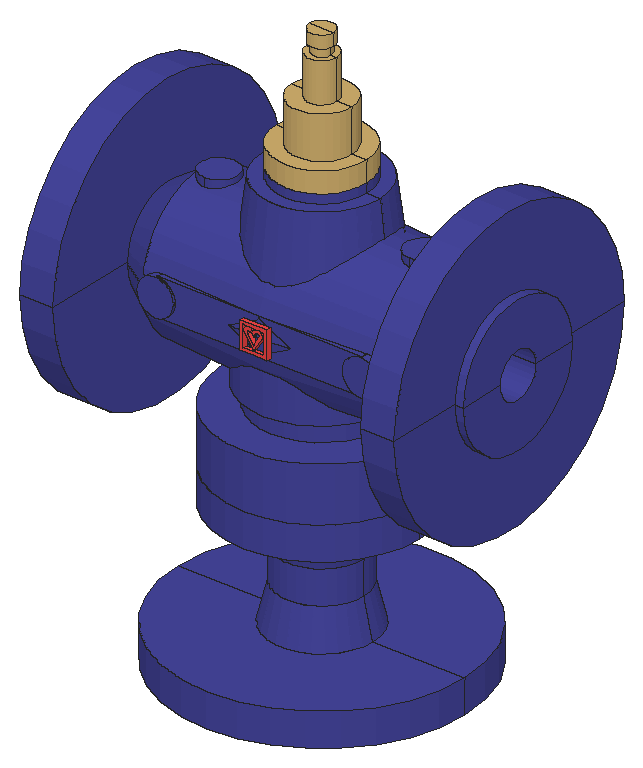
Revit family "Three Port Mixing & Diverting Valves 4037", category Rohrzubehör, Revit 2020
Family settings
  Bemaßung runder Anschluss = Durchmesser verwenden
  Teiletyp = Unterbricht
  OmniClass-Nummer = 23.65.55.14
  OmniClass-Titel = Valves for Liquid Services
  Arbeitsebenenbasiert = Nein
  Immer vertikal = Ja
  Beim Laden mit Abzugskörper schneiden = Nein
  Gemeinsam genutzt = Nein
Parameters (values of type "kvs1.6")
  kvs63 = no
  kvs6.3 = no
  kvs40 = no
  kvs4 = no
  kvs330 = no
  kvs250 = no
  kvs25 = no
  kvs2.5 = no
  kvs160 = no
  kvs16 = no
  kvs100 = no
  kvs10 = no
  kvs1.6 = yes
  kvs1 = no
  Weight [instance] = size_lookup("4037_", "Gewicht", 25, Nennweite)  # 5
  Vorgabe-Ansicht = 0 mm
  Valve seat material = "WN1.4021"  # constant formula
  Valve cones material = "WN1.4021/brass"  # constant formula
  Valve curves characteristic = "equal percentage"  # constant formula
  URL = "www.herzvalves.com"
  Stem material = "WN1.4404"  # constant formula
  SCTWSEQ = "FW;SBT_TYP_FW=\"101\";3"
  SCTWCODE = "04;05;03"  # constant formula
  SCRNSEQ = "ARM;ARM_TYP=\"MISV\";3"
  SCRNCODE = "05;18;03"  # constant formula
  R14 = 4 mm  # constant formula
  R13 = 3 mm  # constant formula
  R12 = 5 mm  # constant formula
  R11 [instance] = size_lookup("4037_", "R11", 18 mm, Nennweite)  # 10 mm
  R10 [instance] = size_lookup("4037_", "R10", 23 mm, Nennweite)  # 15 mm
  R09 [instance] = size_lookup("4037_", "R9", 49 mm, Nennweite)  # 19.5 mm
  R08 [instance] = R00 + 3 mm  # 29.5 mm
  R07 [instance] = size_lookup("4037_", "R7", 15.5 mm, Nennweite)  # 6 mm
  R06 [instance] = size_lookup("4037_", "R6", 15.5 mm, Nennweite)  # 6 mm
  R05 [instance] = size_lookup("4037_", "R5", 62.5 mm, Nennweite)  # 24 mm
  R04 [instance] = size_lookup("4037_", "R4", 59.5 mm, Nennweite)  # 21 mm
  R03 [instance] = size_lookup("4037_", "R3", 43 mm, Nennweite)  # 32.5 mm
  R02 [instance] = size_lookup("4037_", "R2", 43 mm, Nennweite)  # 14 mm
  R01 [instance] = size_lookup("4037_", "R1", 55.5 mm, Nennweite)  # 17 mm
  R00 [instance] = size_lookup("4037_", "R", 65 mm, Nennweite)  # 26.5 mm
  Part number [instance] = if(and(kvs1, Nennweite = 15 mm), 403701, if(and(kvs1.6, Nennweite = 15 mm), 403711, if(and(kvs2.5, Nennweite = 15 mm), 403721, if(and(kvs4, Nennweite = 15 mm), 403731, if(and(kvs6.3, Nennweite = 25 mm), 403703, if(and(kvs10, Nennweite = 25 mm), 403713, if(and(kvs16, Nennweite = 32 mm), 403704, if(and(kvs25, Nennweite = 40 mm), 403705, if(and(kvs40, Nennweite = 50 mm), 403706, if(and(kvs63, Nennweite = 65 mm), 403707, if(and(kvs100, Nennweite = 80 mm), 403708, if(and(kvs160, Nennweite = 100 mm), 403709, if(and(kvs250, Nennweite = 125 mm), 403710, if(and(kvs330, Nennweite = 150 mm), 403741, 0))))))))))))))  # 403711
  PN = 16  # constant formula
  Nennweite [instance] = 15 mm
  min. Operating temperature = 5 °C  # constant formula
  max. Operating temperature = 150 °C  # constant formula
  max. Operating pressure = 1600000.0 Pa  # constant formula
  Medium = "water purity in accordance with the ÖNORM H 5195 and VDI 2035 standards"
  LO1 [instance] = size_lookup("4037_", "LO1", 28.5 mm, Nennweite)  # 27.5 mm
  L07 [instance] = L06 - R06  # 34 mm
  L06 [instance] = size_lookup("4037_", "L6", 110 mm, Nennweite)  # 40 mm
  L05 [instance] = D00  # 47.5 mm
  L04 = 12.5 mm  # constant formula
  L03 = 10 mm  # constant formula
  L02 [instance] = size_lookup("4037_", "L2", 15 mm, Nennweite)  # 11 mm
  L01 = 3 mm  # constant formula
  L00 [instance] = size_lookup("4037_", "L", 145 mm, Nennweite)  # 65 mm
  Hersteller = "Herz-Armaturen GmbH"  # constant formula
  H16 [instance] = size_lookup("4037_", "H16", 22 mm, Nennweite)  # 18 mm
  H15 = 4 mm  # constant formula
  H14 [instance] = size_lookup("4037_", "H14", 17 mm, Nennweite)  # 13 mm
  H13 [instance] = size_lookup("4037_", "H13", 18 mm, Nennweite)  # 14 mm
  H12 [instance] = size_lookup("4037_", "H12", 10.5 mm, Nennweite)  # 6.8 mm
  H11 [instance] = size_lookup("4037_", "H11", 52.5 mm, Nennweite)  # 40.8 mm
  H10 [instance] = size_lookup("4037_", "H10", 135.4 mm, Nennweite)  # 80.3 mm
  H09 = 3 mm  # constant formula
  H08 [instance] = size_lookup("4037_", "H8", 79 mm, Nennweite)  # 36.5 mm
  H07 [instance] = R00  # 26.5 mm
  H06 [instance] = size_lookup("4037_", "H6", 59 mm, Nennweite)  # 24.5 mm
  H05 [instance] = size_lookup("4037_", "H5", 20 mm, Nennweite)  # 5 mm
  H04 [instance] = size_lookup("4037_", "H4", 17 mm, Nennweite)  # 13 mm
  H02 [instance] = size_lookup("4037_", "H2", 38 mm, Nennweite)  # 11 mm
  H01 [instance] = size_lookup("4037_", "H1", 208 mm, Nennweite)  # 110 mm
  H03 [instance] = size_lookup("4037_", "H3", 112 mm, Nennweite)  # 49 mm
  Valve body material = "EN-GJL-250"  # constant formula
  Sealing element material = "70EPDM"  # constant formula
  DN80 [instance] = Nennweite = 80 mm  # no
  DN65 [instance] = Nennweite = 65 mm  # no
  DN50 [instance] = Nennweite = 50 mm  # no
  DN40 [instance] = Nennweite = 40 mm  # no
  DN32 [instance] = Nennweite = 32 mm  # no
  DN25 [instance] = Nennweite = 25 mm  # no
  DN150 [instance] = Nennweite = 150 mm  # no
  DN15 [instance] = Nennweite = 15 mm  # yes
  DN125 [instance] = Nennweite = 125 mm  # no
  DN100 [instance] = Nennweite = 100 mm  # no
  D02 [instance] = Nennweite / 2  # 7.5 mm
  D01 [instance] = size_lookup("4037_", "D1", 61 mm, Nennweite)  # 22.5 mm
  D00 [instance] = size_lookup("4037_", "D", 92.5 mm, Nennweite)  # 47.5 mm
  Description = "the three port flanged valve is designed to control the flow rate of circulation water in pipelines.\r\nvalve stem with cone is moved by acting of electric actuator controlled by microprocessor controller.\r\ncirculation medium could be cold, warm and hot water in temperature range from 5°C up to 150°C.\r\n\r\nthe valve is utilized in almost all heating, ventilation and air-conditioning systems and in industrial and technological processes.\r\nthe three port flanged valve is used as a mixing valve and in the case when it should change water circulation from one pipeline to another.\r\nthe valve curve is equal percentage.\r\nregulation ratio (ratio between nominal and minimal flow coefficient) is 30:1.\r\nselection of three-way flanged valve is according to diagram of kvs values."
  Type of connection = "EN 1092-2"  # constant formula
Types (15, lengths in mm): name | kvs63 | kvs6.3 | kvs40 | kvs4 | kvs330 | kvs250 | kvs25 | kvs2.5 | kvs160 | kvs16 | kvs100 | kvs10 | kvs1.6 | kvs1 | Weight | R11 | R10 | R09 | R08 | R07 | R06 | R05 | R04 | R03 | R02 | R01 | R00 | Part number | Nennweite | Medium | LO1 | L07 | L06 | L05 | L02 | L00 | H16 | H14 | H13 | H12 | H11 | H10 | H08 | H07 | H06 | H05 | H04 | H02 | H01 | H03 | DN80 | DN65 | DN50 | DN40 | DN32 | DN25 | DN150 | DN15 | DN125 | DN100 | D02 | D01 | D00
  (no name) | no | no | no | no | no | no | no | no | no | no | no | no | yes | no | 5 | 10 | 15 | 19.5 | 29.5 | 6 | 6 | 24 | 21 | 32.5 | 14 | 17 | 26.5 | 403711 | 15 | "water purity in accordance with the ÖNORM H 5195 and VDI 2035 standards" | 27.5 | 34 | 40 | 47.5 | 11 | 65 | 18 | 13 | 14 | 6.8 | 40.8 | 80.3 | 36.5 | 26.5 | 24.5 | 5 | 13 | 11 | 110 | 49 | no | no | no | no | no | no | no | yes | no | no | 7.5 | 22.5 | 47.5
  kvs1 | no | no | no | no | no | no | no | no | no | no | no | no | no | yes | 5 | 10 | 15 | 19.5 | 29.5 | 6 | 6 | 24 | 21 | 32.5 | 14 | 17 | 26.5 | 403701 | 15 | "water purity in accordance with the ÖNORM H 5195 and VDI 2035 standards" | 27.5 | 34 | 40 | 47.5 | 11 | 65 | 18 | 13 | 14 | 6.8 | 40.8 | 80.3 | 36.5 | 26.5 | 24.5 | 5 | 13 | 11 | 110 | 49 | no | no | no | no | no | no | no | yes | no | no | 7.5 | 22.5 | 47.5
  kvs1.6 | no | no | no | no | no | no | no | no | no | no | no | no | yes | no | 5 | 10 | 15 | 19.5 | 29.5 | 6 | 6 | 24 | 21 | 32.5 | 14 | 17 | 26.5 | 403711 | 15 | "water purity in accordance with the ÖNORM H 5195 and VDI 2035 standards" | 27.5 | 34 | 40 | 47.5 | 11 | 65 | 18 | 13 | 14 | 6.8 | 40.8 | 80.3 | 36.5 | 26.5 | 24.5 | 5 | 13 | 11 | 110 | 49 | no | no | no | no | no | no | no | yes | no | no | 7.5 | 22.5 | 47.5
  kvs2.5 | no | no | no | no | no | no | no | yes | no | no | no | no | no | no | 5 | 10 | 15 | 19.5 | 29.5 | 6 | 6 | 24 | 21 | 32.5 | 14 | 17 | 26.5 | 403721 | 15 | "water purity in accordance with the ÖNORM H 5195 and VDI 2035 standards" | 27.5 | 34 | 40 | 47.5 | 11 | 65 | 18 | 13 | 14 | 6.8 | 40.8 | 80.3 | 36.5 | 26.5 | 24.5 | 5 | 13 | 11 | 110 | 49 | no | no | no | no | no | no | no | yes | no | no | 7.5 | 22.5 | 47.5
  kvs4 | no | no | no | yes | no | no | no | no | no | no | no | no | no | no | 5 | 10 | 15 | 19.5 | 29.5 | 6 | 6 | 24 | 21 | 32.5 | 14 | 17 | 26.5 | 403731 | 15 | "water purity in accordance with the ÖNORM H 5195 and VDI 2035 standards" | 27.5 | 34 | 40 | 47.5 | 11 | 65 | 18 | 13 | 14 | 6.8 | 40.8 | 80.3 | 36.5 | 26.5 | 24.5 | 5 | 13 | 11 | 110 | 49 | no | no | no | no | no | no | no | yes | no | no | 7.5 | 22.5 | 47.5
  kvs6.3 | no | yes | no | no | no | no | no | no | no | no | no | no | no | no | 8 | 10 | 15 | 19.5 | 41 | 7 | 7 | 35.5 | 32.5 | 44 | 19.5 | 28.5 | 38 | 403703 | 25 | "water purity in accordance with the ÖNORM H 5195 and VDI 2035 standards" | 40 | 45 | 52 | 57.5 | 13 | 80 | 20 | 13 | 14 | 6.8 | 40.8 | 88.3 | 44.5 | 38 | 35 | 5 | 15 | 3 | 121 | 64 | no | no | no | no | no | yes | no | no | no | no | 12.5 | 34 | 57.5
  kvs10 | no | no | no | no | no | no | no | no | no | no | no | yes | no | no | 8 | 10 | 15 | 19.5 | 41 | 7 | 7 | 35.5 | 32.5 | 44 | 19.5 | 28.5 | 38 | 403713 | 25 | "water purity in accordance with the ÖNORM H 5195 and VDI 2035 standards" | 40 | 45 | 52 | 57.5 | 13 | 80 | 20 | 13 | 14 | 6.8 | 40.8 | 88.3 | 44.5 | 38 | 35 | 5 | 15 | 3 | 121 | 64 | no | no | no | no | no | yes | no | no | no | no | 12.5 | 34 | 57.5
  kvs16 | no | no | no | no | no | no | no | no | no | yes | no | no | no | no | 11.5 | 10 | 15 | 20.5 | 46 | 9 | 9 | 40.5 | 37.5 | 49 | 24.5 | 33.5 | 43 | 403704 | 32 | "water purity in accordance with the ÖNORM H 5195 and VDI 2035 standards" | 45 | 51 | 60 | 70 | 13 | 90 | 20 | 17 | 18 | 10.5 | 52.5 | 102 | 46.5 | 43 | 39 | 15 | 15 | 4 | 142 | 84 | no | no | no | no | yes | no | no | no | no | no | 16 | 39 | 70
  kvs25 | no | no | no | no | no | no | yes | no | no | no | no | no | no | no | 13 | 10 | 15 | 20.5 | 51 | 12 | 12 | 45.5 | 42.5 | 54 | 29 | 38.5 | 48 | 403705 | 40 | "water purity in accordance with the ÖNORM H 5195 and VDI 2035 standards" | 50 | 56 | 68 | 75 | 13 | 100 | 20 | 17 | 18 | 10.5 | 52.5 | 112 | 56.5 | 48 | 43 | 20 | 15 | 1 | 149 | 94 | no | no | no | yes | no | no | no | no | no | no | 20 | 44 | 75
  kvs63 | yes | no | no | no | no | no | no | no | no | no | no | no | no | no | 25 | 18 | 23 | 49 | 68 | 15.5 | 15.5 | 62.5 | 59.5 | 71 | 43 | 55.5 | 65 | 403707 | 65 | "water purity in accordance with the ÖNORM H 5195 and VDI 2035 standards." | 68 | 94.5 | 110 | 92.5 | 15 | 145 | 22 | 17 | 18 | 10.5 | 52.5 | 135.4 | 79 | 65 | 59 | 20 | 17 | 38 | 208 | 112 | no | yes | no | no | no | no | no | no | no | no | 32.5 | 61 | 92.5
  kvs100 | no | no | no | no | no | no | no | no | no | no | yes | no | no | no | 31 | 18 | 23 | 49 | 76 | 15.5 | 15.5 | 70.5 | 67.5 | 79 | 51 | 63.5 | 73 | 403708 | 80 | "water purity in accordance with the ÖNORM H 5195 and VDI 2035 standards" | 77 | 99.5 | 115 | 100 | 17 | 155 | 24 | 17 | 18 | 10.5 | 52.5 | 168.5 | 113 | 73 | 65 | 20 | 19 | 46 | 233 | 125 | yes | no | no | no | no | no | no | no | no | no | 40 | 69 | 100
  kvs160 | no | no | no | no | no | no | no | no | yes | no | no | no | no | no | 46 | 30 | 35 | 61 | 86 | 20.5 | 20.5 | 80.5 | 77.5 | 89 | 61 | 73.5 | 83 | 403709 | 100 | "water purity in accordance with the ÖNORM H 5195 and VDI 2035 standards" | 88 | 112.5 | 133 | 110 | 17 | 175 | 24 | 21 | 22 | 14.2 | 64.2 | 189.7 | 122.5 | 83 | 73 | 25 | 19 | 65 | 262 | 135 | no | no | no | no | no | no | no | no | no | yes | 50 | 79 | 110
  kvs250 | no | no | no | no | no | yes | no | no | no | no | no | no | no | no | 72 | 30 | 35 | 61 | 101 | 20.5 | 20.5 | 95.5 | 92.5 | 104 | 76 | 88.5 | 98 | 403710 | 125 | "water purity in accordance with the ÖNORM H 5195 and VDI 2035 standards" | 103 | 134.5 | 155 | 125 | 19 | 200 | 26 | 21 | 22 | 14.2 | 64.2 | 231 | 163.5 | 98 | 80 | 30 | 21 | 44 | 268 | 158 | no | no | no | no | no | no | no | no | yes | no | 62.5 | 94 | 125
  kvs330 | no | no | no | no | yes | no | no | no | no | no | no | no | no | no | 91 | 30 | 35 | 61 | 113 | 20.5 | 20.5 | 107.5 | 104.5 | 116 | 88 | 100.5 | 110 | 403741 | 150 | "water purity in accordance with the ÖNORM H 5195 and VDI 2035 standards" | 115 | 174.5 | 195 | 142.5 | 19 | 240 | 26 | 21 | 22 | 14.2 | 64.2 | 237.5 | 170 | 110 | 85 | 25 | 21 | 42 | 261 | 153 | no | no | no | no | no | no | yes | no | no | no | 75 | 106 | 142.5
  kvs40 | no | no | yes | no | no | no | no | no | no | no | no | no | no | no | 16 | 18 | 23 | 49 | 56 | 13.5 | 13.5 | 52.5 | 49.5 | 61 | 34 | 45.5 | 53 | 403706 | 50 | "water purity in accordance with the ÖNORM H 5195 and VDI 2035 standards" | 56 | 66.5 | 80 | 82.5 | 15 | 115 | 20 | 17 | 18 | 10.5 | 52.5 | 122 | 66.5 | 53 | 43 | 1 | 15 | 42 | 167 | 67 | no | no | yes | no | no | no | no | no | no | no | 25 | 51 | 82.5
Reference planes
  plane 1 "Mitte (Vorne/hinten)": y = 0
  plane 2: z = 0
  plane 3 "Mitte (Links/rechts)": x = 0
Forms (mm)
  Revolve 1, solid, material "kunststoff-BLAU", detail levels fine
    sketch origin (1065, 0, 0) x (1, 0, 0) y (0, 1, 0)
      loop
        line (-1127, 22.5) -> (-1130, 22.5) -> (-1130, 7.5) -> (-1120, 7.5) -> (-1120, 0) -> (-1010, 0) -> (-1010, 7.5) -> (-1000, 7.5) -> (-1000, 22.5) -> (-1003, 22.5) -> (-1003, 47.5) -> (-1014, 47.5) -> (-1014, 17) -> (-1025, 24.336)
        arc (-1025, 24.336) -> (-1065, 26.5) -> (-1105, 24.336) r 370.831
        line (-1105, 24.336) -> (-1116, 17) -> (-1116, 47.5) -> (-1127, 47.5) -> (-1127, 22.5)
      axis (-1000, 0) -> (-1130, 0)
    angle from 0 to 360
  Extrusion 2, solid, material "kunststoff-BLAU", detail levels fine
    sketch origin (0, 0, 0) x (-1, 0, 0) y (0, 0, -1)
      loop
        circle (34, 0) r 6
      loop
        circle (-34, 0) r 6
    from -26.5 to 26.5
  Extrusion 3, solid, material "kunststoff-BLAU", visible <- "DN65", detail levels fine
    sketch origin (0, 0, 0) x (1, 0, 0) y (0, 1, 0)
      loop
        arc (-95, -56.907) -> (0, -68) -> (95, -56.907) r 412.331
        line (95, -56.907) -> (95, 56.907)
        arc (95, 56.907) -> (0, 68) -> (-95, 56.907) r 412.331
        line (-95, 56.907) -> (-95, -56.907)
    from -15.5 to 15.5
  Revolve 4, solid, material "kunststoff-BLAU", detail levels fine
    sketch origin (0, 0, 0) x (1, 0, 0) y (0, 0, 1)
      loop
        line (-19.5, 36.5) -> (-24, 0) -> (0, 0) -> (0, 39.5) -> (-15, 39.5) -> (-15, 36.5) -> (-19.5, 36.5)
      axis (0, 39.5) -> (0, 0)
    angle from 0 to 360
  Revolve 5, solid, material "kunststoff-BLAU", detail levels fine
    sketch origin (0, 0, 0) x (1, 0, 0) y (0, 0, 1)
      loop
        line (0, 0) -> (-24, 0) -> (-24, -24.5) -> (-21, -26) -> (-21, -31) -> (-32.5, -31) -> (-32.5, -49) -> (0, -49) -> (0, 0)
      axis (0, 0) -> (0, -49)
    angle from 0 to 360
  Revolve 6, solid, material "kunststoff-BLAU", detail levels fine
    sketch origin (0, 0, 0) x (1, 0, 0) y (0, 0, 1)
      loop
        line (-22.5, -107) -> (-22.5, -110) -> (-7.5, -110) -> (-7.5, -100) -> (0, -100) -> (0, -49) -> (-32.5, -49) -> (-32.5, -60) -> (-17, -60) -> (-14, -72.5) -> (-14, -83.5) -> (-17, -96) -> (-47.5, -96) -> (-47.5, -107) -> (-22.5, -107)
      axis (0, -49) -> (0, -110)
    angle from 0 to 360
  Extrusion 7, solid, material "kunststoff-BLAU", detail levels fine
    sketch origin (0, 0, 0) x (0, -1, 0) y (1, 0, 0)
      loop
        circle (0, -34) r 6
      loop
        circle (0, 34) r 6
    from -26.5 to 26.5
  Extrusion 8, solid, material "kunststoff-BLAU", visible <- "DN150", detail levels fine
    sketch origin (0, 0, 0) x (1, 0, 0) y (0, 1, 0)
      loop
        arc (-179.5, -78.475) -> (0, -115) -> (179.5, -78.475) r 459.331
        line (179.5, -78.475) -> (179.5, 78.475)
        arc (179.5, 78.475) -> (0, 115) -> (-179.5, 78.475) r 459.331
        line (-179.5, 78.475) -> (-179.5, -78.475)
    from -20.5 to 20.5
  Extrusion 9, solid, material "kunststoff-BLAU", visible <- "DN125", detail levels fine
    sketch origin (0, 0, 0) x (1, 0, 0) y (0, 1, 0)
      loop
        arc (-134.5, -82.301) -> (0, -103) -> (134.5, -82.301) r 447.331
        line (134.5, -82.301) -> (134.5, 82.301)
        arc (134.5, 82.301) -> (0, 103) -> (-134.5, 82.301) r 447.331
        line (-134.5, 82.301) -> (-134.5, -82.301)
    from -20.5 to 20.5
  Extrusion 10, solid, material "kunststoff-BLAU", visible <- "DN100", detail levels fine
    sketch origin (0, 0, 0) x (1, 0, 0) y (0, 1, 0)
      loop
        arc (-112.5, -73.106) -> (0, -88) -> (112.5, -73.106) r 432.331
        line (112.5, -73.106) -> (112.5, 73.106)
        arc (112.5, 73.106) -> (0, 88) -> (-112.5, 73.106) r 432.331
        line (-112.5, 73.106) -> (-112.5, -73.106)
    from -20.5 to 20.5
  Extrusion 11, solid, material "kunststoff-BLAU", visible <- "DN80", detail levels fine
    sketch origin (0, 0, 0) x (1, 0, 0) y (0, 1, 0)
      loop
        line (99.5, -65.083) -> (99.5, 65.083)
        arc (99.5, 65.083) -> (0, 77) -> (-99.5, 65.083) r 421.331
        line (-99.5, 65.083) -> (-99.5, -65.083)
        arc (-99.5, -65.083) -> (0, -77) -> (99.5, -65.083) r 421.331
    from -15.5 to 15.5
  Extrusion 12, solid, material "kunststoff-BLAU", visible <- "DN50", detail levels fine
    sketch origin (0, 0, 0) x (1, 0, 0) y (0, 1, 0)
      loop
        arc (-66.5, -50.44) -> (0, -56.006) -> (66.5, -50.44) r 400.05
        line (66.5, -50.44) -> (66.5, 50.44)
        arc (66.5, 50.44) -> (0, 56.006) -> (-66.5, 50.44) r 400.05
        line (-66.5, 50.44) -> (-66.5, -50.44)
    from -13.5 to 13.5
  Extrusion 13, solid, material "kunststoff-BLAU", visible <- "DN40", detail levels fine
    sketch origin (0, 0, 0) x (1, 0, 0) y (0, 1, 0)
      loop
        arc (-56, -46.003) -> (0, -50) -> (56, -46.003) r 394.331
        line (56, -46.003) -> (56, 46.003)
        arc (56, 46.003) -> (0, 50) -> (-56, 46.003) r 394.331
        line (-56, 46.003) -> (-56, -46.003)
    from -12 to 12
  Extrusion 14, solid, material "kunststoff-BLAU", visible <- "DN32", detail levels fine
    sketch origin (0, 0, 0) x (1, 0, 0) y (0, 1, 0)
      loop
        arc (-51, -41.645) -> (0, -45) -> (51, -41.645) r 389.331
        line (51, -41.645) -> (51, 41.645)
        arc (51, 41.645) -> (0, 45) -> (-51, 41.645) r 389.331
        line (-51, 41.645) -> (-51, -41.645)
    from -9 to 9
  Extrusion 15, solid, material "kunststoff-BLAU", visible <- "DN25", detail levels fine
    sketch origin (0, 0, 0) x (1, 0, 0) y (0, 1, 0)
      loop
        line (45, -37.356) -> (45, 37.356)
        arc (45, 37.356) -> (0, 40) -> (-45, 37.356) r 384.331
        line (-45, 37.356) -> (-45, -37.356)
        arc (-45, -37.356) -> (0, -40) -> (45, -37.356) r 384.331
    from -7 to 7
  Extrusion 16, solid, material "kunststoff-BLAU", visible <- "DN15", detail levels fine
    sketch origin (0, 0, 0) x (1, 0, 0) y (0, 1, 0)
      loop
        line (-34, 25.942) -> (-34, -25.942)
        arc (-34, -25.942) -> (0, -27.5) -> (34, -25.942) r 371.831
        line (34, -25.942) -> (34, 25.942)
        arc (34, 25.942) -> (0, 27.5) -> (-34, 25.942) r 371.831
    from -6 to 6
  Revolve 17, solid, material "Messing-poliert", detail levels fine
    sketch origin (0, 0, 0) x (1, 0, 0) y (0, 0, 1)
      loop
        line (-15, 46.3) -> (-15, 39.5) -> (0, 39.5) -> (0, 80.3) -> (-4, 80.3) -> (-4, 76.3) -> (-3, 76.3) -> (-3, 73.3) -> (-5, 73.3) -> (-5, 60.3) -> (-10, 60.3) -> (-10, 46.3) -> (-15, 46.3)
      axis (0, 80.3) -> (0, 39.5)
    angle from 0 to 360
Lines and regions (mm)
  model lines, detail levels coarse+medium
    curve 1: line (-65, 0, 47.5) -> (-65, 0, -47.5)
    curve 2: line (-65, 0, -47.5) -> (65, 0, 47.5)
    curve 3: line (65, 0, 47.5) -> (65, 0, -47.5)
    curve 4: line (65, 0, -47.5) -> (-65, 0, 47.5)
    curve 5: line (0, 0, 0) -> (47.5, 0, -110)
    curve 6: line (47.5, 0, -110) -> (-47.5, 0, -110)
    curve 7: line (-47.5, 0, -110) -> (0, 0, 0)
    curve 8: line (-65, 47.5, 0) -> (-65, -47.5, 0)
    curve 9: line (-65, -47.5, 0) -> (65, 47.5, 0)
    curve 10: line (65, 47.5, 0) -> (65, -47.5, 0)
    curve 11: line (65, -47.5, 0) -> (-65, 47.5, 0)
    curve 12: line (0, 0, 0) -> (47.5, -110, 0)
    curve 13: line (47.5, -110, 0) -> (-47.5, -110, 0)
    curve 14: line (-47.5, -110, 0) -> (0, 0, 0)
Dimensions and locks
  "L00": Revolve 1 sketch curve to plane 3 "Mitte (Links/rechts)" to Revolve 1 sketch curve
  "D00": plane 1 "Mitte (Vorne/hinten)" to Revolve 1 sketch curve  (x2)
  "D02": plane 1 "Mitte (Vorne/hinten)" to Revolve 1 sketch curve  (x2)
  "L01": Revolve 1 sketch curve to Revolve 1 sketch curve  (x2)
  "L02": Revolve 1 sketch curve to Revolve 1 sketch curve  (x2)
  "D01": plane 1 "Mitte (Vorne/hinten)" to Revolve 1 sketch curve  (x2)
  "R01": plane 1 "Mitte (Vorne/hinten)" to Revolve 1 sketch curve  (x2)
  "R00": Revolve 1 sketch curve to Revolve 1 sketch curve
  "L03": Revolve 1 sketch curve to Revolve 1 sketch curve  (x2)
  "D02": plane 3 "Mitte (Links/rechts)" to Revolve 6 sketch curve
  "R02": plane 3 "Mitte (Links/rechts)" to Revolve 6 sketch curve
  "R01": plane 3 "Mitte (Links/rechts)" to Revolve 6 sketch curve  (x2)
  "D01": plane 3 "Mitte (Links/rechts)" to Revolve 6 sketch curve
  "D00": plane 3 "Mitte (Links/rechts)" to Revolve 6 sketch curve
  "H01": plane 2 to Revolve 6 sketch curve
  "L01": Revolve 6 sketch curve to Revolve 6 sketch curve
  "L02": Revolve 6 sketch curve to Revolve 6 sketch curve  (x2)
  "L03": Revolve 6 sketch curve to Revolve 6 sketch curve
  "R03": plane 3 "Mitte (Links/rechts)" to Revolve 6 sketch curve
  "L04": Revolve 6 sketch curve to Revolve 6 sketch curve  (x2)
  "R03": Revolve 5 sketch curve to Revolve 5 sketch curve
  "H03": plane 2 to Revolve 5 sketch curve
  "H06": Revolve 5 sketch curve to Revolve 5 sketch curve
  "R04": Revolve 5 sketch curve to Revolve 5 sketch curve
  "R05": Revolve 5 sketch curve to Revolve 5 sketch curve
  "H05": Revolve 5 sketch curve to Revolve 5 sketch curve
  "L06": Revolve 1 sketch curve to plane 3 "Mitte (Links/rechts)" to Revolve 1 sketch curve
  "H03": plane 2 to Revolve 6 sketch curve
  "R09": Revolve 4 sketch curve to Revolve 4 sketch curve
  "R05": Revolve 4 sketch curve to Revolve 4 sketch curve
  "H07": Extrusion 7 to plane 2 to Extrusion 7  (x2)
  "L07": plane 3 "Mitte (Links/rechts)" to Extrusion 7 sketch curve
  "L07": Extrusion 7 sketch curve to plane 3 "Mitte (Links/rechts)"
  "H07": Extrusion 2 to plane 1 "Mitte (Vorne/hinten)"  (x3)
  "L07": plane 3 "Mitte (Links/rechts)" to Extrusion 2 sketch curve
  "L07": Extrusion 2 sketch curve to plane 3 "Mitte (Links/rechts)"
  "H07": plane 1 "Mitte (Vorne/hinten)" to Extrusion 2
  "H08": Revolve 4 sketch curve to plane 2
  "H09": Revolve 4 sketch curve to Revolve 4 sketch curve
  "R10": plane 3 "Mitte (Links/rechts)" to Revolve 4 sketch curve
  "H11": Revolve 17 sketch curve to Revolve 17 sketch curve
  "H10": Revolve 17 sketch curve to plane 2
  "R10": plane 3 "Mitte (Links/rechts)" to Revolve 17 sketch curve
  "H12": Revolve 17 sketch curve to Revolve 17 sketch curve
  "H13": Revolve 17 sketch curve to Revolve 17 sketch curve
  "H14": Revolve 17 sketch curve to Revolve 17 sketch curve
  "H15": Revolve 17 sketch curve to Revolve 17 sketch curve
  "R14": plane 3 "Mitte (Links/rechts)" to Revolve 17 sketch curve
  "R13": plane 3 "Mitte (Links/rechts)" to Revolve 17 sketch curve
  "R11": plane 3 "Mitte (Links/rechts)" to Revolve 17 sketch curve
  "R12": plane 3 "Mitte (Links/rechts)" to Revolve 17 sketch curve
  "LO1": nested 1 to plane 1 "Mitte (Vorne/hinten)"
  "H16": Revolve 5 sketch curve to Revolve 6
  "L00": curve 1 to plane 3 "Mitte (Links/rechts)" to curve 3
  "D00": curve 3 to plane 2 to curve 4
  "D00": curve 4 to plane 2 to curve 2
  "H01": plane 2 to curve 6
  "D00": curve 6 to plane 3 "Mitte (Links/rechts)" to curve 7
  "L00": curve 8 to plane 3 "Mitte (Links/rechts)" to curve 10
  "D00": curve 11 to plane 1 "Mitte (Vorne/hinten)" to curve 10
  "D00": curve 9 to plane 1 "Mitte (Vorne/hinten)" to curve 11
  "H01": curve 13 to plane 1 "Mitte (Vorne/hinten)"
  "D00": curve 14 to plane 3 "Mitte (Links/rechts)" to curve 13
  "R06": radius of Extrusion 7 sketch curve  (x2)
  "R07": radius of Extrusion 2 sketch curve  (x2)
  aligned and locked: level to plane 2
Automatic sketch dimensions
  Extrusion 3 sketch curve to plane 1 "Mitte (Vorne/hinten)" = 56.907 mm  (x2)
  Extrusion 3 sketch curve to plane 3 "Mitte (Links/rechts)" = 0 mm  (x2)
  Extrusion 3 sketch curve to Extrusion 3 sketch curve = 113.814 mm
  Extrusion 3 sketch curve to Extrusion 3 sketch curve = 287.425 mm
  Extrusion 3 sketch curve to plane 1 "Mitte (Vorne/hinten)" = 344.331 mm
  plane 3 "Mitte (Links/rechts)" to Extrusion 3 sketch curve = 95 mm
  Extrusion 8 sketch curve to plane 3 "Mitte (Links/rechts)" = 0 mm  (x2)
  Extrusion 8 sketch curve to plane 1 "Mitte (Vorne/hinten)" = 78.475 mm  (x2)
  plane 1 "Mitte (Vorne/hinten)" to Extrusion 8 sketch curve = 78.475 mm
  Extrusion 8 sketch curve to plane 3 "Mitte (Links/rechts)" = 179.5 mm
  Extrusion 8 sketch curve to Extrusion 8 sketch curve = 265.857 mm
  Extrusion 8 sketch curve to plane 1 "Mitte (Vorne/hinten)" = 344.331 mm
  plane 3 "Mitte (Links/rechts)" to Extrusion 9 sketch curve = 134.5 mm
  plane 1 "Mitte (Vorne/hinten)" to Extrusion 9 sketch curve = 82.301 mm  (x2)
  Extrusion 9 sketch curve to plane 3 "Mitte (Links/rechts)" = 0 mm  (x2)
  Extrusion 9 sketch curve to Extrusion 9 sketch curve = 262.031 mm  (x2)
  Extrusion 9 sketch curve to plane 1 "Mitte (Vorne/hinten)" = 82.301 mm
  Extrusion 10 sketch curve to plane 3 "Mitte (Links/rechts)" = 0 mm  (x2)
  plane 1 "Mitte (Vorne/hinten)" to Extrusion 10 sketch curve = 73.106 mm
  Extrusion 10 sketch curve to plane 3 "Mitte (Links/rechts)" = 112.5 mm
  Extrusion 10 sketch curve to Extrusion 10 sketch curve = 271.225 mm
  Extrusion 10 sketch curve to plane 1 "Mitte (Vorne/hinten)" = 344.331 mm
  Extrusion 10 sketch curve to plane 1 "Mitte (Vorne/hinten)" = 73.106 mm  (x2)
  Extrusion 11 sketch curve to plane 3 "Mitte (Links/rechts)" = 0 mm  (x2)
  plane 1 "Mitte (Vorne/hinten)" to Extrusion 11 sketch curve = 65.083 mm  (x2)
  Extrusion 11 sketch curve to plane 3 "Mitte (Links/rechts)" = 99.5 mm
  Extrusion 11 sketch curve to Extrusion 11 sketch curve = 279.249 mm
  Extrusion 11 sketch curve to plane 1 "Mitte (Vorne/hinten)" = 344.331 mm
  Extrusion 11 sketch curve to plane 1 "Mitte (Vorne/hinten)" = 65.083 mm
  Extrusion 12 sketch curve to plane 3 "Mitte (Links/rechts)" = 0 mm  (x2)
  Extrusion 12 sketch curve to plane 3 "Mitte (Links/rechts)" = 66.5 mm
  plane 3 "Mitte (Links/rechts)" to Extrusion 12 sketch curve = 66.5 mm
  plane 1 "Mitte (Vorne/hinten)" to Extrusion 12 sketch curve = 344.044 mm
  plane 1 "Mitte (Vorne/hinten)" to Extrusion 12 sketch curve = 50.44 mm
  Extrusion 12 sketch curve to plane 1 "Mitte (Vorne/hinten)" = 50.44 mm
  Extrusion 12 sketch curve to Extrusion 12 sketch curve = 293.604 mm
  Extrusion 13 sketch curve to plane 3 "Mitte (Links/rechts)" = 0 mm  (x2)
  Extrusion 13 sketch curve to plane 3 "Mitte (Links/rechts)" = 56 mm
  plane 3 "Mitte (Links/rechts)" to Extrusion 13 sketch curve = 56 mm
  plane 1 "Mitte (Vorne/hinten)" to Extrusion 13 sketch curve = 344.331 mm
  plane 1 "Mitte (Vorne/hinten)" to Extrusion 13 sketch curve = 46.003 mm
  Extrusion 13 sketch curve to plane 1 "Mitte (Vorne/hinten)" = 46.003 mm
  Extrusion 13 sketch curve to Extrusion 13 sketch curve = 298.328 mm
  Extrusion 14 sketch curve to plane 3 "Mitte (Links/rechts)" = 0 mm  (x2)
  Extrusion 14 sketch curve to plane 3 "Mitte (Links/rechts)" = 51 mm
  plane 3 "Mitte (Links/rechts)" to Extrusion 14 sketch curve = 51 mm
  plane 1 "Mitte (Vorne/hinten)" to Extrusion 14 sketch curve = 344.331 mm
  plane 1 "Mitte (Vorne/hinten)" to Extrusion 14 sketch curve = 41.645 mm
  Extrusion 14 sketch curve to plane 1 "Mitte (Vorne/hinten)" = 41.645 mm
  Extrusion 14 sketch curve to Extrusion 14 sketch curve = 302.686 mm
  Extrusion 15 sketch curve to plane 3 "Mitte (Links/rechts)" = 0 mm  (x2)
  Extrusion 15 sketch curve to plane 3 "Mitte (Links/rechts)" = 45 mm
  plane 3 "Mitte (Links/rechts)" to Extrusion 15 sketch curve = 45 mm
  plane 1 "Mitte (Vorne/hinten)" to Extrusion 15 sketch curve = 344.331 mm
  plane 1 "Mitte (Vorne/hinten)" to Extrusion 15 sketch curve = 37.356 mm
  Extrusion 15 sketch curve to plane 1 "Mitte (Vorne/hinten)" = 37.356 mm
  Extrusion 15 sketch curve to Extrusion 15 sketch curve = 306.975 mm
  Extrusion 16 sketch curve to plane 3 "Mitte (Links/rechts)" = 0 mm  (x2)
  Extrusion 16 sketch curve to plane 3 "Mitte (Links/rechts)" = 34 mm
  plane 3 "Mitte (Links/rechts)" to Extrusion 16 sketch curve = 34 mm
  plane 1 "Mitte (Vorne/hinten)" to Extrusion 16 sketch curve = 344.331 mm
  plane 1 "Mitte (Vorne/hinten)" to Extrusion 16 sketch curve = 25.942 mm
  Extrusion 16 sketch curve to plane 1 "Mitte (Vorne/hinten)" = 25.942 mm
  Extrusion 16 sketch curve to Extrusion 16 sketch curve = 318.389 mm
  curve 5 to level = 0 mm
  plane 1 "Mitte (Vorne/hinten)" to curve 12 = 0 mm
  Revolve 1 sketch curve to plane 1 "Mitte (Vorne/hinten)" = 0 mm
  Revolve 1 sketch curve to plane 3 "Mitte (Links/rechts)" = 0 mm
  plane 1 "Mitte (Vorne/hinten)" to Revolve 1 sketch curve = 0 mm
  plane 1 "Mitte (Vorne/hinten)" to Revolve 1 sketch curve = 344.331 mm
  Revolve 1 sketch curve to Revolve 1 sketch curve = 1855 mm  (x2)
  Extrusion 2 sketch curve to level = 0 mm  (x2)
  Revolve 4 sketch curve to level = 0 mm
  Revolve 4 sketch curve to plane 3 "Mitte (Links/rechts)" = 0 mm  (x2)
  Revolve 4 sketch curve to Revolve 4 sketch curve = 366.045 mm
  Revolve 4 sketch curve to Revolve 4 sketch curve = 2132.315 mm
  Revolve 5 sketch curve to level = 0 mm
  Revolve 5 sketch curve to plane 3 "Mitte (Links/rechts)" = 0 mm  (x2)
  Revolve 5 sketch curve to Revolve 5 sketch curve = 254.045 mm
  level to Revolve 5 sketch curve = 2214.315 mm
  Revolve 6 sketch curve to plane 3 "Mitte (Links/rechts)" = 0 mm  (x2)
  Revolve 6 sketch curve to Revolve 6 sketch curve = 158.045 mm
  level to Revolve 6 sketch curve = 2214.315 mm
  plane 1 "Mitte (Vorne/hinten)" to Extrusion 7 sketch curve = 0 mm  (x2)
  Revolve 17 sketch curve to plane 3 "Mitte (Links/rechts)" = 0 mm  (x2)
  Revolve 17 sketch curve to level = 366.045 mm
  Revolve 17 sketch curve to Revolve 17 sketch curve = 2079.815 mm
Nested families
  nested 1: "Herz-Logo-vorne" at (-0.018, -27.5, 0) x (0, 1, 0) z (0, 0, 1), type "Herz-Logo-vorne", detail levels fine
Connectors
  piping at (-65, 0, 0), diameter 15, driven by "Nennweite"
    settings: on Revolve 1, index 1, connector inside diameter 609.6 mm, connector length 0 mm, flow factor 0, pipe flow 0.0 L/s, pressure drop 0.0 Pa, fitting loss kfactor 0, connector angle 0.00°, fixture units 0, engagement length 0 mm, angle of deflection 0.00°, flow configuration 0, flow direction 1, fitting loss method 0, system type 29, joint type 0, gender type 0, connector reference index -1, connector utility 0, adjustable connector no, is connector primary yes, connector description ""
  piping at (65, 0, 0), diameter 15, driven by "Nennweite"
    settings: on Revolve 1, index 2, connector inside diameter 609.6 mm, connector length 0 mm, flow factor 0, pipe flow 0.0 L/s, pressure drop 0.0 Pa, fitting loss kfactor 0, connector angle 0.00°, fixture units 0, engagement length 0 mm, angle of deflection 0.00°, flow configuration 0, flow direction 2, fitting loss method 0, system type 29, joint type 0, gender type 0, connector reference index -1, connector utility 0, adjustable connector no, is connector primary no, connector description ""
  piping at (0, 0, -110), diameter 15, driven by "Nennweite"
    settings: on Revolve 6, index 3, connector inside diameter 609.6 mm, connector length 0 mm, flow factor 0, pipe flow 0.0 L/s, pressure drop 0.0 Pa, fitting loss kfactor 0, connector angle 0.00°, fixture units 0, engagement length 0 mm, angle of deflection 0.00°, flow configuration 0, flow direction 1, fitting loss method 0, system type 29, joint type 0, gender type 0, connector reference index -1, connector utility 0, adjustable connector no, is connector primary no, connector description ""
Definition of nested family "Herz-Logo-vorne"
  Parameters (values of type "Herz-Logo-vorne")
    Default Elevation = 0 mm
  Reference planes
    plane 1 "Mitte (Vorne/hinten)": y = 0
    plane 2: z = 0
    plane 3 "Mitte (Links/rechts)": x = 0
  Forms (mm)
    Extrusion 1, solid
      sketch origin (0.732, -0.018, 0.017) x (0, -1, 0) y (0, 0, 1)
        loop
          line (-0.018, -4.517) -> (4.482, -4.517) -> (4.482, 4.483) -> (-4.518, 4.483) -> (-4.518, -4.517) -> (-0.018, -4.517)
        loop
          line (-0.05, -3.48) -> (3.482, -3.48) -> (3.482, 3.483) -> (-3.518, 3.483) -> (-3.518, -3.48) -> (-0.05, -3.48)
        loop
          arc (-0.018, 2.383) -> (-1.543, 3.287) -> (-3.067, 2.383) r 1.738
          arc (-3.067, 2.383) -> (-3.191, 1.899) -> (-3.067, 1.415) r 1.009
          line (-3.067, 1.415) -> (-0.018, -3.281) -> (3.032, 1.415)
          arc (3.032, 1.415) -> (3.156, 1.899) -> (3.032, 2.383) r 1.009
          arc (3.032, 2.383) -> (1.507, 3.287) -> (-0.018, 2.383) r 1.738
        loop
          arc (1.885, 1.272) -> (2.005, 1.675) -> (1.885, 2.079) r 0.74
          arc (1.885, 2.079) -> (1.265, 2.416) -> (0.644, 2.079) r 0.74
          line (0.644, 2.079) -> (-0.018, 0.97) -> (-0.679, 2.079)
          arc (-0.679, 2.079) -> (-1.3, 2.416) -> (-1.921, 2.079) r 0.74
          arc (-1.921, 2.079) -> (-2.04, 1.675) -> (-1.921, 1.272) r 0.74
          line (-1.921, 1.272) -> (-0.018, -1.658) -> (1.885, 1.272)
      from 0 to 1.5
  Dimensions and locks
    aligned and locked: level to plane 2
